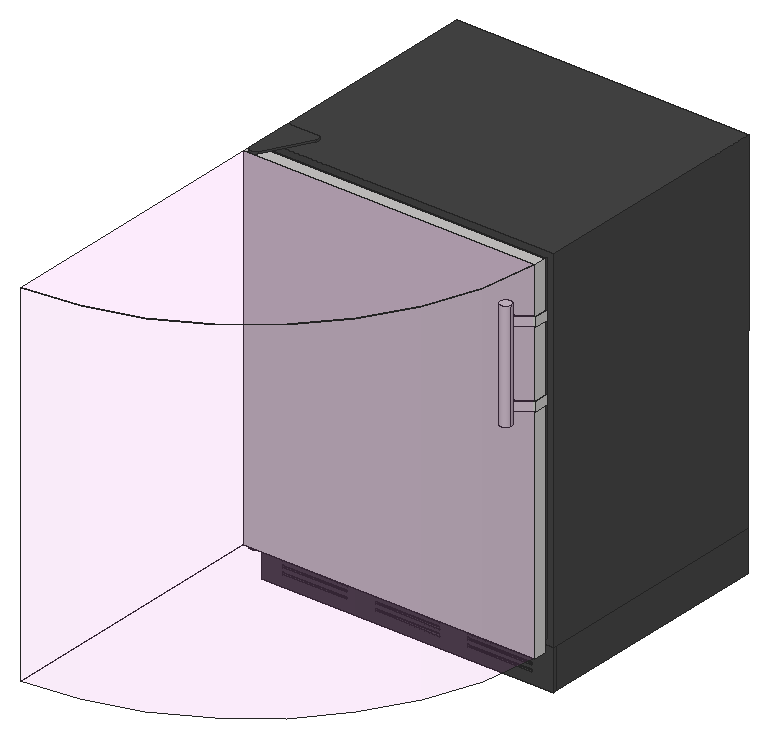
Revit family "QF_Summit_FF6BK2SSADA_Refrigerator", category Specialty Equipment, Revit 2020
Family settings
  Round Connector Dimension = Use Diameter
  Part Type = Normal
  Work Plane-Based = No
  Always vertical = Yes
  Cut with Voids When Loaded = No
  Shared = No
  Room Calculation Point = No
Parameters
  Weight in Pounds = 100
  Watts = Volts * FL Amps  # 92 W
  Volts = 115 V
  URL Cutsheet = ""
  Specification by User = ""
  Specification by Manufacturer = ""
  Show LHD [instance] = yes
  Right Hinged Door [instance] = not(Show LHD)  # no
  Serial Number = ""
  Seismic Rating = ""
  SMACNA No = ""
  Revision Code = ""
  Refrigerant Volume = 0.00 kip
  Refrigerant Type = "R600a"
  Phase = 1
  Number of Poles = 1
  NAFEM Spec ID Number = ""
  Model = "FF6BK2SSADA"
  Min Ckt Ampacity = 0 A
  Max Overcurrent Protection = 0 A
  Masterspec = ""
  Manufacturer = "Summit"
  Length = 23 5/8"
  Item Number = ""
  Installed By = ""
  Identify Quantity as Lot = yes
  Height = 32 1/8"
  HP = ""
  Furnished By = ""
  Foodservice Equipment Identifier = yes
  FL Amps = 0.8 A
  Electrical Remarks = ""
  Electric Connection Type = ""
  Elec Conn RI Height = 0"
  Elec Conn Connection Height = 0"
  Description = "Refrigerator"
  Depth = 22 3/8"
  Default Elevation = 0"
  Cycle = 60 Hz
  Conn Plug = ""
  Conn Conduit = yes
  CSI MasterFormat = ""
  BTUH = 0.0 Btu/h
  Apparent Power = if(Phase = 3, Volts * FL Amps * 1.73, Volts * FL Amps)  # 92 VA
Reference planes (in)
  plane 1 "BACK": y = 0
  plane 2: z = 0
  plane 3 "LEFT": x = 0
  plane 4 "RIGHT": x = 23.625
  plane 5 "FRONT": y = -22.375
  plane 6 "TOP": z = 32.125
  plane 7 "Center Y": x = 11.8125
  plane 8 "Center X": y = -11.1875
  plane 9: z = 32
  plane 10: y = -24
  plane 11: y = -45
  plane 12: y = -0.75
  plane 13: y = -20.5
  plane 14: z = 0.125
  plane 15: z = 3.375
  plane 16: x = 17.46169
Forms (in)
  Extrusion 1, solid, material "QF_Metallic_Paint_Black_Smooth"
    sketch origin (-4.07558, -180, 0.25) x (-1, 0, 0) y (0, -1, 0)
      loop
        line (-4.07558, -179.25) -> (-4.07558, -159.5) -> (-27.70058, -159.5) -> (-27.70058, -179.25) -> (-4.07558, -179.25)
    from 3.125 to 31.75
  Extrusion 2, solid, material "QF_Metal_Stainless_Polished"
    sketch origin (-5.77638, -180, 3.5) x (-1, 0, 0) y (0, -1, 0)
      loop
        line (-5.77638, -157.625) -> (-29.40138, -157.625) -> (-29.40138, -158.625) -> (-5.77638, -158.625) -> (-5.77638, -157.625)
    from -0.125 to 28.5
  Extrusion 3, solid, material "QF_Metallic_Paint_Black_Smooth"
    sketch origin (23.5, -21.375, 3.5) x (-1, 0, 0) y (0, 0, 1)
      loop
        line (0.375, 0.375) -> (23, 0.375) -> (23, 28) -> (0.375, 28) -> (0.375, 0.375)
    from 0 to 0.875
  Extrusion 4, solid, material "QF_Metallic_Paint_Black_Smooth", visible <- "Right Hinged Door"
    sketch origin (-5.77638, -180, 32) x (-1, 0, 0) y (0, -1, 0)
      loop
        arc (-29.27619, -161.7403) -> (-29.20297, -161.91708) -> (-29.02619, -161.9903) r 0.25
        line (-29.02619, -161.9903) -> (-26.9149, -161.9903)
        arc (-26.9149, -161.9903) -> (-26.55876, -161.78675) -> (-26.55339, -161.37658) r 0.41333
        line (-26.55339, -161.37658) -> (-28.47012, -157.91871)
        arc (-28.47012, -157.91871) -> (-28.95386, -157.71088) -> (-29.27619, -158.12717) r 0.42999
        line (-29.27619, -158.12717) -> (-29.27619, -161.7403)
    from 0 to 0.125
  Extrusion 5, solid, material "QF_Metal_Stainless_Polished", visible <- "Right Hinged Door"
    sketch origin (-1.6459, -180, 28.32044) x (-1, 0, 0) y (0, -1, 0)
      loop
        line (-1.6459, -158.625) -> (-1.5209, -158.625) -> (-1.5209, -157.55854) -> (-2.72981, -156.74311) -> (-3.38781, -156.74311) -> (-3.38781, -156.86811) -> (-2.76803, -156.86811) -> (-1.6459, -157.625) -> (-1.6459, -158.625)
    from 0 to -0.75
  Extrusion 6, solid, material "QF_Metal_Stainless_Polished", visible <- "Right Hinged Door"
    sketch origin (-4.89398, -180, 20.5) x (-1, 0, 0) y (0, -1, 0)
      loop
        circle (-6.30689, -156.43406) r 0.43516
    from 0 to 8.75
  Extrusion 7, solid, material "QF_Metal_Stainless_Polished", visible <- "Right Hinged Door"
    sketch origin (-1.6459, -180, 21.42956) x (0, 1, 0) y (1, 0, 0)
      loop
        line (158.625, 1.6459) -> (157.625, 1.6459) -> (156.86811, 2.76803) -> (156.86811, 3.38781) -> (156.74311, 3.38781) -> (156.74311, 2.72981) -> (157.55854, 1.5209) -> (158.625, 1.5209) -> (158.625, 1.6459)
    from 0 to -0.75
  Extrusion 8, solid, material "QF_Metallic_Paint_Black_Smooth", visible <- "Right Hinged Door"
    sketch origin (-5.77638, -180, 3.375) x (0, 1, 0) y (1, 0, 0)
      loop
        line (159.5, 29.27619) -> (158.12717, 29.27619)
        arc (158.12717, 29.27619) -> (157.71088, 28.95386) -> (157.91871, 28.47012) r 0.42999
        line (157.91871, 28.47012) -> (159.5, 27.5936) -> (159.5, 29.27619)
    from 0 to 0.125
  Extrusion 9, solid, material "QF_Metallic_Paint_Black_Smooth"
    sketch origin (-12.48311, -20.5, 48) x (-1, 0, 0) y (0, 0, 1)
      loop
        line (-12.48311, -44.625) -> (-36.10811, -44.625) -> (-36.10811, -47.875) -> (-12.48311, -47.875) -> (-12.48311, -44.625)
      loop
        line (-14.18872, -45.26011) -> (-19.43872, -45.26011) -> (-19.43872, -45.51011) -> (-14.18872, -45.51011) -> (-14.18872, -45.26011)
      loop
        line (-14.18872, -45.76011) -> (-19.43872, -45.76011) -> (-19.43872, -46.01011) -> (-14.18872, -46.01011) -> (-14.18872, -45.76011)
      loop
        line (-14.18872, -46.26011) -> (-19.43872, -46.26011) -> (-19.43872, -46.51011) -> (-14.18872, -46.51011) -> (-14.18872, -46.26011)
      loop
        line (-14.18872, -46.76011) -> (-19.43872, -46.76011) -> (-19.43872, -47.01011) -> (-14.18872, -47.01011) -> (-14.18872, -46.76011)
      loop
        line (-21.67061, -45.26011) -> (-26.92061, -45.26011) -> (-26.92061, -45.51011) -> (-21.67061, -45.51011) -> (-21.67061, -45.26011)
      loop
        line (-21.67061, -45.76011) -> (-26.92061, -45.76011) -> (-26.92061, -46.01011) -> (-21.67061, -46.01011) -> (-21.67061, -45.76011)
      loop
        line (-21.67061, -46.26011) -> (-26.92061, -46.26011) -> (-26.92061, -46.51011) -> (-21.67061, -46.51011) -> (-21.67061, -46.26011)
      loop
        line (-21.67061, -46.76011) -> (-26.92061, -46.76011) -> (-26.92061, -47.01011) -> (-21.67061, -47.01011) -> (-21.67061, -46.76011)
      loop
        line (-34.40249, -45.26011) -> (-34.40249, -45.51011) -> (-29.15249, -45.51011) -> (-29.15249, -45.26011) -> (-34.40249, -45.26011)
      loop
        line (-34.40249, -45.76011) -> (-34.40249, -46.01011) -> (-29.15249, -46.01011) -> (-29.15249, -45.76011) -> (-34.40249, -45.76011)
      loop
        line (-34.40249, -46.26011) -> (-34.40249, -46.51011) -> (-29.15249, -46.51011) -> (-29.15249, -46.26011) -> (-34.40249, -46.26011)
      loop
        line (-34.40249, -46.76011) -> (-34.40249, -47.01011) -> (-29.15249, -47.01011) -> (-29.15249, -46.76011) -> (-34.40249, -46.76011)
    from 0 to 0.25
  Extrusion 10, solid, material "QF_Metallic_Paint_Black_Smooth"
    sketch origin (-12.48311, -1, 48) x (-1, 0, 0) y (0, 0, 1)
      loop
        line (-12.48311, -44.625) -> (-36.10811, -44.625) -> (-36.10811, -47.875) -> (-12.48311, -47.875) -> (-12.48311, -44.625)
    from -19.25 to 0.25
  Extrusion 11, solid, material "QF_Metallic_Paint_Black_Smooth"
    sketch origin (0, 0, 0) x (1, 0, 0) y (0, 1, 0)
      loop
        circle (3.1104, -18.5) r 0.5
      loop
        circle (3.1104, -2.75) r 0.5
      loop
        circle (20.5146, -18.5) r 0.5
      loop
        circle (20.5146, -2.75) r 0.5
    from 0 to 0.125
  Extrusion 12, solid, material "QF_Metal_Stainless_Polished"
    sketch origin (0, -0.75, 0.25) x (1, 0, 0) y (0, 0, -1)
      loop
        circle (17.46169, -0.84684) r 0.25
    from 0 to 0.25
  Extrusion 13, solid, material "QF_Metallic_Paint_Black_Smooth"
    sketch origin (0, -0.75, 17.75) x (0, -1, 0) y (1, 0, 0)
      loop
        line (-0.75, 9.30778) -> (0, 9.30778) -> (0, 14.31722) -> (-0.75, 14.31722) -> (-0.75, 9.30778)
    from -3 to 3
  Extrusion 14, solid, material "QF_Clearances_Door_Drawer", visible <- "Right Hinged Door"
    sketch origin (-5.77638, -180, 3.375) x (0, -1, 0) y (-1, 0, 0)
      loop
        line (-157.625, -29.40138) -> (-135, -29.40138)
        arc (-135, -29.40138) -> (-141.73517, -13.2053) -> (-157.625, -5.77638) r 24.27307
        line (-157.625, -5.77638) -> (-157.625, -29.40138)
    from 0 to -28.625
  Extrusion 15, solid, material "QF_Metallic_Paint_Black_Smooth", visible <- "Show LHD"
    sketch origin (29.40138, -180, 32) x (1, 0, 0) y (0, 1, 0)
      loop
        line (-29.27619, 161.7403) -> (-29.27619, 158.12717)
        arc (-29.27619, 158.12717) -> (-28.95386, 157.71088) -> (-28.47012, 157.91871) r 0.42999
        line (-28.47012, 157.91871) -> (-26.55339, 161.37658)
        arc (-26.55339, 161.37658) -> (-26.55876, 161.78675) -> (-26.9149, 161.9903) r 0.41333
        line (-26.9149, 161.9903) -> (-29.02619, 161.9903)
        arc (-29.02619, 161.9903) -> (-29.20297, 161.91708) -> (-29.27619, 161.7403) r 0.25
    from 0 to 0.125
  Extrusion 16, solid, material "QF_Metal_Stainless_Polished", visible <- "Show LHD"
    sketch origin (25.2709, -180, 28.32044) x (1, 0, 0) y (0, 1, 0)
      loop
        line (-1.6459, 158.625) -> (-1.6459, 157.625) -> (-2.76803, 156.86811) -> (-3.38781, 156.86811) -> (-3.38781, 156.74311) -> (-2.72981, 156.74311) -> (-1.5209, 157.55854) -> (-1.5209, 158.625) -> (-1.6459, 158.625)
    from 0 to -0.75
  Extrusion 17, solid, material "QF_Metal_Stainless_Polished", visible <- "Show LHD"
    sketch origin (28.51898, -180, 20.5) x (1, 0, 0) y (0, 1, 0)
      loop
        circle (-6.30689, 156.43406) r 0.43516
    from 0 to 8.75
  Extrusion 18, solid, material "QF_Metal_Stainless_Polished", visible <- "Show LHD"
    sketch origin (25.2709, -180, 21.42956) x (0, -1, 0) y (-1, 0, 0)
      loop
        line (-158.625, 1.6459) -> (-158.625, 1.5209) -> (-157.55854, 1.5209) -> (-156.74311, 2.72981) -> (-156.74311, 3.38781) -> (-156.86811, 3.38781) -> (-156.86811, 2.76803) -> (-157.625, 1.6459) -> (-158.625, 1.6459)
    from 0 to -0.75
  Extrusion 19, solid, material "QF_Metallic_Paint_Black_Smooth", visible <- "Show LHD"
    sketch origin (29.40138, -180, 3.375) x (0, -1, 0) y (-1, 0, 0)
      loop
        line (-159.5, 29.27619) -> (-159.5, 27.5936) -> (-157.91871, 28.47012)
        arc (-157.91871, 28.47012) -> (-157.71088, 28.95386) -> (-158.12717, 29.27619) r 0.42999
        line (-158.12717, 29.27619) -> (-159.5, 29.27619)
    from 0 to 0.125
  Extrusion 20, solid, material "QF_Clearances_Door_Drawer", visible <- "Show LHD"
    sketch origin (29.40138, -180, 3.375) x (0, 1, 0) y (1, 0, 0)
      loop
        line (157.625, -29.40138) -> (157.625, -5.77638)
        arc (157.625, -5.77638) -> (141.73517, -13.2053) -> (135, -29.40138) r 24.27307
        line (135, -29.40138) -> (157.625, -29.40138)
    from 0 to -28.625
Lines and regions (in)
  symbolic lines
    curve 1: line (0, -0.75, 0) -> (23.625, -0.75, 0)
    curve 2: line (0, -20.5, 0) -> (0, -0.75, 0)
    curve 3: line (23.625, -20.5, 0) -> (23.49982, -20.5, 0)
    curve 4: line (23.625, -0.75, 0) -> (23.625, -20.5, 0)
    curve 5: line (21.81722, -20.5, 0) -> (1.80778, -20.5, 0)
    curve 12: line (23.625, -22.375, 0) -> (0, -22.375, 0)
    curve 13: line (0, -21.375, 0) -> (0, -22.375, 0)
    curve 14: line (23.625, -21.375, 0) -> (23.49982, -21.375, 0)
    curve 15: line (23.625, -22.375, 0) -> (23.625, -21.375, 0)
    curve 16: line (22.30224, -21.375, 0) -> (1.32276, -21.375, 0)
    curve 28: line (9.30778, -0.75, 0) -> (9.30778, 0, 0)
    curve 29: line (9.30778, 0, 0) -> (14.31722, 0, 0)
    curve 30: line (14.31722, 0, 0) -> (14.31722, -0.75, 0)
    curve 40: line (0.12518, -20.5, 0) -> (0, -20.5, 0)
    curve 42: line (0.12518, -21.375, 0) -> (0, -21.375, 0)
  symbolic lines, visible <- "Right Hinged Door"
    curve 6: line (23.49982, -21.87283, 0) -> (23.49982, -18.2597, 0)
    curve 7: arc (23.49982, -18.2597, 0) -> (23.42659, -18.08292, 0) -> (23.24982, -18.0097, 0) r 0.25
    curve 8: line (23.24982, -18.0097, 0) -> (21.13852, -18.0097, 0)
    curve 9: arc (21.13852, -18.0097, 0) -> (20.78238, -18.21325, 0) -> (20.77701, -18.62342, 0) r 0.41333
    curve 10: line (20.77701, -18.62342, 0) -> (22.69374, -22.08129, 0)
    curve 11: arc (22.69374, -22.08129, 0) -> (23.17748, -22.28912, 0) -> (23.49982, -21.87283, 0) r 0.42999
    curve 17: line (-0.125, -21.375, 0) -> (-0.125, -22.44146, 0)
    curve 18: line (-0.125, -22.44146, 0) -> (1.08391, -23.25689, 0)
    curve 19: arc (0.97776, -23.56594, 0) -> (1.41291, -24.0011, 0) -> (1.84807, -23.56594, 0) r 0.43516
    curve 20: line (1.74192, -23.13189, 0) -> (1.12213, -23.13189, 0)
    curve 21: line (1.12213, -23.13189, 0) -> (0, -22.375, 0)
    curve 22: line (1.74192, -23.25689, 0) -> (1.74192, -23.13189, 0)
    curve 23: arc (1.84807, -23.56594, 0) -> (1.73137, -23.26938, 0) -> (1.44385, -23.13189, 0) r 0.43516
    curve 24: line (1.08391, -23.25689, 0) -> (1.10657, -23.25689, 0)
    curve 25: line (1.71926, -23.25689, 0) -> (1.74192, -23.25689, 0)
    curve 26: arc (1.38198, -23.13189, 0) -> (1.09446, -23.26938, 0) -> (0.97776, -23.56594, 0) r 0.43516
    curve 27: line (0.5, -21.375, 0) -> (0.5, -20.5, 0)
    curve 39: line (1.80778, -20.5, 0) -> (0.12518, -20.5, 0)
    curve 41: line (1.32276, -21.375, 0) -> (0.12518, -21.375, 0)
    curve 46: line (0, -21.375, 0) -> (-0.125, -21.375, 0)
  symbolic lines, style "QF_Clearances_Door_Drawer", visible <- "Right Hinged Door"
    curve 31: line (23.625, -22.375, 0) -> (3.7814, -33.83171, 0)
    curve 32: arc (3.7814, -33.83171, 0) -> (1.19256, -28.41738, 0) -> (0.01125, -22.53337, 0) r 24.27307
  symbolic lines, visible <- "Show LHD"
    curve 33: line (0.12518, -21.87283, 0) -> (0.12518, -18.2597, 0)
    curve 34: arc (0.12518, -18.2597, 0) -> (0.19841, -18.08292, 0) -> (0.37518, -18.0097, 0) r 0.25
    curve 35: line (0.37518, -18.0097, 0) -> (2.48648, -18.0097, 0)
    curve 36: arc (2.48648, -18.0097, 0) -> (2.84262, -18.21325, 0) -> (2.84799, -18.62342, 0) r 0.41333
    curve 37: line (2.84799, -18.62342, 0) -> (0.93126, -22.08129, 0)
    curve 38: arc (0.93126, -22.08129, 0) -> (0.44752, -22.28912, 0) -> (0.12518, -21.87283, 0) r 0.42999
    curve 43: line (23.125, -21.375, 0) -> (23.125, -20.5, 0)
    curve 44: line (21.81722, -20.5, 0) -> (23.49982, -20.5, 0)
    curve 45: line (22.30224, -21.375, 0) -> (23.49982, -21.375, 0)
    curve 47: line (23.75, -21.375, 0) -> (23.75, -22.44146, 0)
    curve 48: line (23.75, -22.44146, 0) -> (22.54109, -23.25689, 0)
    curve 49: arc (22.64724, -23.56594, 0) -> (22.21209, -24.0011, 0) -> (21.77693, -23.56594, 0) r 0.43516
    curve 50: line (21.88308, -23.13189, 0) -> (22.50287, -23.13189, 0)
    curve 51: line (22.50287, -23.13189, 0) -> (23.625, -22.375, 0)
    curve 52: line (21.88308, -23.25689, 0) -> (21.88308, -23.13189, 0)
    curve 53: arc (21.77693, -23.56594, 0) -> (21.89363, -23.26938, 0) -> (22.18115, -23.13189, 0) r 0.43516
    curve 54: arc (22.24302, -23.13189, 0) -> (22.53054, -23.26938, 0) -> (22.64724, -23.56594, 0) r 0.43516
    curve 55: line (23.625, -21.375, 0) -> (23.75, -21.375, 0)
    curve 56: line (22.54109, -23.25689, 0) -> (22.51843, -23.25689, 0)
    curve 57: line (21.90574, -23.25689, 0) -> (21.88308, -23.25689, 0)
  symbolic lines, style "QF_Clearances_Door_Drawer", visible <- "Show LHD"
    curve 58: line (0, -22.375, 0) -> (19.8436, -33.83171, 0)
    curve 59: arc (19.8436, -33.83171, 0) -> (22.43244, -28.41738, 0) -> (23.61375, -22.53337, 0) r 24.27307
Dimensions and locks (in)
  equal spacing: plane 3 "LEFT", plane 7 "Center Y", plane 4 "RIGHT"
  "Length": plane 3 "LEFT" to plane 4 "RIGHT"
  equal spacing: plane 5 "FRONT", plane 8 "Center X", plane 1 "BACK"
  "Depth": plane 5 "FRONT" to plane 1 "BACK"
  "Height": plane 6 "TOP" to level
  plane 4 "RIGHT" to plane 3 "LEFT" = 23 5/8"
  plane 6 "TOP" to plane 9 = 1/8"
  plane 10 to plane 5 "FRONT" = 1 5/8"
  plane 1 "BACK" to plane 12 = 3/4"
  plane 12 to plane 13 = 19 3/4"
  plane 13 to plane 11 = 24 1/2"
  plane 12 to plane 11 = 44 1/4"
  plane 14 to plane 2 = 1/8"
  plane 9 to plane 14 = 31 7/8"
  locked: plane 15 to plane 14 at 3.25
  plane 9 to plane 2 = 32"
  aligned and locked: level to plane 2
Automatic sketch dimensions
  curve 19 to curve 23 = 0"  (x2)
  curve 19 to curve 26 = 0"  (x2)
  curve 23 to curve 26 = 0"  (x2)
  curve 49 to curve 53 = 0"  (x2)
  curve 49 to curve 54 = 0"  (x2)
  curve 53 to curve 54 = 0"  (x2)
  curve 46 to plane 3 "LEFT" = 0"
  curve 2 to plane 3 "LEFT" = 0"
  curve 39 to plane 13 = 0"
  curve 40 to plane 13 = 0"
  curve 5 to plane 13 = 0"
  plane 1 "BACK" to curve 29 = 0"
  curve 28 to plane 12 = 0"
  curve 44 to plane 13 = 0"
  curve 3 to plane 13 = 0"
  curve 51 to plane 4 "RIGHT" = 0"
  curve 1 to plane 4 "RIGHT" = 0"
  plane 5 "FRONT" to curve 21 = 0"
  curve 17 to plane 3 "LEFT" = 1/8"
  curve 59 to plane 13 = 0.23417"
  curve 59 to plane 3 "LEFT" = 0.59255"
  plane 3 "LEFT" to curve 33 = 0.12518"
  curve 33 to curve 34 = 1/4"
  curve 33 to curve 38 = 0.42999"
  curve 37 to plane 5 "FRONT" = 0.29371"
  curve 38 to curve 37 = 0.37608"
  plane 10 to curve 18 = 0.74311"
  plane 3 "LEFT" to curve 18 = 1.08391"
  curve 18 to curve 20 = 0.03822"
  curve 18 to curve 26 = 0.329"
  curve 19 to curve 25 = 0.329"
  curve 35 to curve 35 = 2.1113"
  curve 36 to curve 37 = 0.36151"
  plane 3 "LEFT" to curve 31 = 3.7814"
  curve 29 to plane 7 "Center Y" = 2.50472"
  plane 7 "Center Y" to curve 30 = 2.50472"
  curve 58 to plane 16 = 2.38191"
  plane 4 "RIGHT" to curve 10 = 2.84799"
  curve 9 to curve 8 = 0.36151"
  plane 5 "FRONT" to curve 50 = 0.75689"
  plane 4 "RIGHT" to curve 50 = 1.74192"
  curve 52 to curve 53 = 0.329"
  curve 49 to curve 50 = 0.29079"
  curve 50 to curve 56 = 0.01556"
  curve 56 to curve 56 = 0.02266"
  curve 10 to plane 5 "FRONT" = 0.29371"
  plane 4 "RIGHT" to curve 10 = 0.93126"
  curve 10 to curve 11 = 0.37608"
  plane 4 "RIGHT" to curve 8 = 0.37518"
  plane 4 "RIGHT" to curve 6 = 0.12518"
  curve 47 to plane 4 "RIGHT" = 1/8"
  curve 32 to plane 13 = 0.23417"
  curve 32 to plane 4 "RIGHT" = 0.59255"
  curve 24 to curve 25 = 0"
  plane 10 to curve 49 = 0.43406"
  plane 10 to curve 26 = 0.43406"
  curve 31 to plane 10 = 9.83171"
  curve 58 to plane 10 = 9.83171"
  curve 52 to curve 50 = 1/8"
  curve 48 to curve 50 = 1/8"
  curve 22 to curve 20 = 1/8"
  plane 5 "FRONT" to curve 18 = 0.06646"
  plane 5 "FRONT" to curve 47 = 0.06646"
  curve 6 to curve 15 = 0.49783"
  curve 33 to curve 13 = 0.49783"
  plane 13 to curve 37 = 1.87658"
  plane 13 to curve 10 = 1.87658"
  curve 36 to curve 36 = 0.20039"
  curve 9 to curve 9 = 0.20039"
  curve 39 to curve 27 = 0.37482"
  curve 19 to curve 18 = 0.10616"
  curve 38 to curve 16 = 0.3915"
  curve 41 to curve 16 = 0"
  curve 45 to curve 16 = 0"
  curve 43 to curve 14 = 0.37482"
  Extrusion 1 sketch curve to plane 4 "RIGHT" = 0"
  Extrusion 1 sketch curve to plane 3 "LEFT" = 0"
  Extrusion 1 sketch curve to plane 12 = 0"
  Extrusion 1 sketch curve to plane 13 = 0"
  Extrusion 2 sketch curve to plane 4 "RIGHT" = 0"
  Extrusion 2 sketch curve to plane 3 "LEFT" = 0"
  plane 5 "FRONT" to Extrusion 2 sketch curve = 0"
  Extrusion 2 sketch curve to plane 13 = 7/8"
  Extrusion 2 to Extrusion 3 sketch curve = 1/2"  (x3)
  Extrusion 3 sketch curve to Extrusion 2 = 1/2"
  Extrusion 4 sketch curve to Extrusion 2 = 0.12518"
  Extrusion 4 sketch curve to Extrusion 4 sketch curve = 1/4"
  Extrusion 4 sketch curve to Extrusion 4 sketch curve = 0.42999"
  Extrusion 4 sketch curve to Extrusion 2 = 0.29371"
  Extrusion 4 sketch curve to Extrusion 4 sketch curve = 0.37608"
  Extrusion 4 sketch curve to Extrusion 4 sketch curve = 2.1113"
  Extrusion 4 sketch curve to Extrusion 4 sketch curve = 0.36151"
  Extrusion 2 to Extrusion 4 sketch curve = 2.75158"
  Extrusion 4 sketch curve to Extrusion 4 sketch curve = 0.20039"
  Extrusion 5 sketch curve to plane 3 "LEFT" = 0"
  plane 5 "FRONT" to Extrusion 5 sketch curve = 0"
  plane 3 "LEFT" to Extrusion 5 sketch curve = 1.08391"
  Extrusion 5 sketch curve to Extrusion 5 sketch curve = 0.03822"
  Extrusion 5 sketch curve to Extrusion 5 sketch curve = 0.61979"
  Extrusion 5 sketch curve to plane 3 "LEFT" = 1/8"
  Extrusion 5 sketch curve to plane 13 = 7/8"
  plane 5 "FRONT" to Extrusion 5 sketch curve = 0.06646"
  plane 5 "FRONT" to Extrusion 5 sketch curve = 0.75689"
  Extrusion 5 sketch curve to Extrusion 5 sketch curve = 1/8"
  plane 10 to Extrusion 6 sketch curve = 0.43406"
  plane 3 "LEFT" to Extrusion 6 sketch curve = 1.41291"
  Extrusion 7 sketch curve to plane 3 "LEFT" = 0"
  plane 5 "FRONT" to Extrusion 7 sketch curve = 0"
  plane 5 "FRONT" to Extrusion 7 sketch curve = 0.06646"
  plane 5 "FRONT" to Extrusion 7 sketch curve = 0.75689"
  Extrusion 7 sketch curve to Extrusion 7 sketch curve = 1/8"
  Extrusion 7 sketch curve to plane 3 "LEFT" = 1/8"
  Extrusion 7 sketch curve to plane 13 = 7/8"
  plane 3 "LEFT" to Extrusion 7 sketch curve = 1.08391"
  Extrusion 7 sketch curve to Extrusion 7 sketch curve = 0.03822"
  Extrusion 7 sketch curve to Extrusion 7 sketch curve = 0.61979"
  Extrusion 8 sketch curve to plane 13 = 0"
  Extrusion 8 sketch curve to plane 5 "FRONT" = 0.50217"
  Extrusion 8 sketch curve to plane 5 "FRONT" = 0.29371"
  plane 4 "RIGHT" to Extrusion 8 sketch curve = 0.12518"
  Extrusion 8 sketch curve to Extrusion 8 sketch curve = 0.42999"
  Extrusion 8 sketch curve to Extrusion 8 sketch curve = 1.6826"
  plane 4 "RIGHT" to Extrusion 9 sketch curve = 0"
  Extrusion 9 sketch curve to plane 3 "LEFT" = 0"
  Extrusion 9 sketch curve to plane 14 = 0"
  Extrusion 9 sketch curve to plane 15 = 0"
  plane 4 "RIGHT" to Extrusion 9 sketch curve = 1.70562"
  Extrusion 9 sketch curve to Extrusion 9 sketch curve = 0"  (x18)
  plane 16 to Extrusion 9 sketch curve = 0.79231"
  plane 14 to Extrusion 9 sketch curve = 0.86489"  (x2)
  Extrusion 9 sketch curve to Extrusion 9 sketch curve = 2.23188"  (x2)
  Extrusion 9 sketch curve to plane 15 = 1.13511"
  Extrusion 9 sketch curve to plane 7 "Center Y" = 2 5/8"
  plane 14 to Extrusion 9 sketch curve = 1.11489"
  plane 3 "LEFT" to Extrusion 9 sketch curve = 1.70562"
  Extrusion 9 sketch curve to Extrusion 9 sketch curve = 1/4"  (x20)
  plane 4 "RIGHT" to Extrusion 10 sketch curve = 0"
  Extrusion 10 sketch curve to plane 3 "LEFT" = 0"
  Extrusion 10 sketch curve to plane 14 = 0"
  Extrusion 10 sketch curve to plane 15 = 0"
  plane 3 "LEFT" to Extrusion 11 sketch curve = 3.1104"  (x2)
  Extrusion 11 sketch curve to plane 16 = 3.05291"  (x2)
  plane 13 to Extrusion 11 sketch curve = 2"  (x2)
  Extrusion 11 sketch curve to plane 12 = 2"  (x2)
  Extrusion 12 sketch curve to Extrusion 1 = 2.27816"
  Extrusion 12 sketch curve to Extrusion 1 = 6.16331"
  plane 1 "BACK" to Extrusion 13 sketch curve = 0"
  Extrusion 13 sketch curve to plane 12 = 0"
  Extrusion 13 sketch curve to plane 7 "Center Y" = 2.50472"
  plane 7 "Center Y" to Extrusion 13 sketch curve = 2.50472"
  Extrusion 14 sketch curve to Extrusion 2 = 0"  (x3)
  Extrusion 14 sketch curve to Extrusion 2 = 0.64083"
  Extrusion 14 sketch curve to Extrusion 14 sketch curve = 22 5/8"
  Extrusion 15 sketch curve to Extrusion 2 = 0.12518"
  Extrusion 15 sketch curve to Extrusion 15 sketch curve = 1/4"
  Extrusion 15 sketch curve to Extrusion 15 sketch curve = 0.42999"
  Extrusion 15 sketch curve to Extrusion 2 = 0.29371"
  Extrusion 15 sketch curve to Extrusion 15 sketch curve = 0.37608"
  Extrusion 15 sketch curve to Extrusion 15 sketch curve = 2.1113"
  Extrusion 15 sketch curve to Extrusion 15 sketch curve = 0.36151"
  Extrusion 2 to Extrusion 15 sketch curve = 2.75158"
  Extrusion 15 sketch curve to Extrusion 15 sketch curve = 0.20039"
  Extrusion 16 sketch curve to plane 4 "RIGHT" = 0"
  plane 5 "FRONT" to Extrusion 16 sketch curve = 0"
  plane 4 "RIGHT" to Extrusion 16 sketch curve = 1.08391"
  Extrusion 16 sketch curve to Extrusion 16 sketch curve = 0.03822"
  Extrusion 16 sketch curve to Extrusion 16 sketch curve = 0.61979"
  Extrusion 16 sketch curve to plane 4 "RIGHT" = 1/8"
  plane 5 "FRONT" to Extrusion 16 sketch curve = 0.06646"
  plane 5 "FRONT" to Extrusion 16 sketch curve = 0.75689"
  Extrusion 16 sketch curve to Extrusion 16 sketch curve = 1/8"
  Extrusion 16 sketch curve to plane 13 = 7/8"
  plane 10 to Extrusion 17 sketch curve = 0.43406"
  plane 4 "RIGHT" to Extrusion 17 sketch curve = 1.41291"
  Extrusion 18 sketch curve to plane 4 "RIGHT" = 0"
  plane 5 "FRONT" to Extrusion 18 sketch curve = 0"
  Extrusion 18 sketch curve to plane 4 "RIGHT" = 1/8"
  Extrusion 18 sketch curve to plane 13 = 7/8"
  plane 5 "FRONT" to Extrusion 18 sketch curve = 0.06646"
  plane 5 "FRONT" to Extrusion 18 sketch curve = 0.75689"
  Extrusion 18 sketch curve to Extrusion 18 sketch curve = 1/8"
  plane 4 "RIGHT" to Extrusion 18 sketch curve = 1.08391"
  Extrusion 18 sketch curve to Extrusion 18 sketch curve = 0.03822"
  Extrusion 18 sketch curve to Extrusion 18 sketch curve = 0.61979"
  Extrusion 19 sketch curve to plane 13 = 0"
  plane 3 "LEFT" to Extrusion 19 sketch curve = 0.12518"
  Extrusion 19 sketch curve to plane 5 "FRONT" = 0.50217"
  Extrusion 19 sketch curve to plane 5 "FRONT" = 0.29371"
  Extrusion 19 sketch curve to Extrusion 19 sketch curve = 0.42999"
  Extrusion 19 sketch curve to Extrusion 19 sketch curve = 1.6826"
  Extrusion 20 sketch curve to Extrusion 2 = 0"  (x3)
  Extrusion 20 sketch curve to Extrusion 20 sketch curve = 22 5/8"
  Extrusion 20 sketch curve to Extrusion 2 = 0.59255"
  radius of Extrusion 6 sketch curve = 0.43516"
  radius of Extrusion 11 sketch curve = 1/2"  (x4)
  radius of Extrusion 12 sketch curve = 1/4"
  radius of Extrusion 17 sketch curve = 0.43516"
Connectors (in)
  electrical at (17.46169, -0.5, 1.09684), driven by "Volts", driven by "Watts"
    settings: on Extrusion 12, index 2, voltage 115 V, apparent load 92 VA, apparent load phase1 0 VA, apparent load phase2 0 VA, apparent load phase3 0 VA, power factor 1, load classification "Other", number of poles 1, system type 30, power factor state 1, is connector primary yes, connector utility no, sub classification motor no, connector description ""
